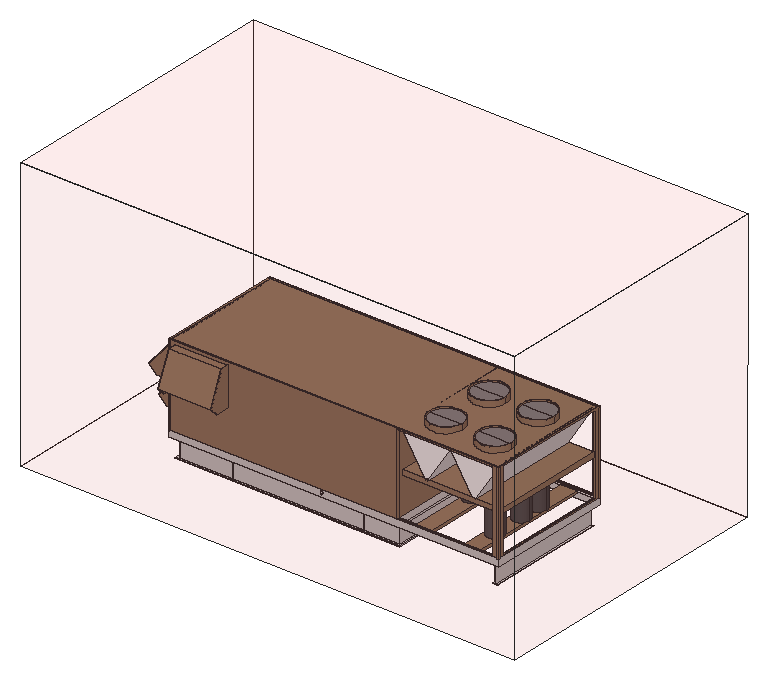
Revit family (continued)
Definition of nested family "Commercial_Comfort_Systems-Series_40-JCI-Unit_Cabinet-Bottom_Supply_And_Return"
  Lines and regions (in)
    Masking region 5, detail levels medium+fine
      outline origin (-119.99969, 0, 0) x (0, -1, 0) y (0, 0, 1)
        loop
          line (-46, 64) -> (-46, 0) -> (46, 0) -> (46, 64) -> (-46, 64)
        loop
          line (-39.5, 62) -> (-39.5, 33.89844) -> (39.5, 33.89844) -> (39.5, 62) -> (-39.5, 62)
        loop
          line (-29.75977, 29.36) -> (-29.75977, 7.94) -> (29.75977, 7.94) -> (29.75977, 29.36) -> (-29.75977, 29.36)
    Masking region 6, detail levels coarse
      outline origin (0, 0, 0) x (1, 0, 0) y (0, 0, 1)
        loop
          line (-119.99969, 64) -> (-119.99969, 0) -> (120.00031, 0) -> (120.00031, 64) -> (-119.99969, 64)
    Masking region 7
      outline origin (0, 45, 0) x (-1, 0, 0) y (0, 0, 1)
        loop
          line (-120.00031, 64) -> (-120.00031, 0) -> (119.99969, 0) -> (119.99969, 64) -> (-120.00031, 64)
        loop
          line (-115.50031, 63.5) -> (-115.50031, 5.125) -> (-46.18781, 5.125) -> (-46.18781, 63.5) -> (-115.50031, 63.5)
    model lines, style "Frame Unit", detail levels coarse
      curve 1: line (-119.99969, 46, 64) -> (120.00031, 46, 64)
      curve 2: line (-119.99969, 46, 64) -> (-119.99969, -46, 64)
      curve 3: line (-119.99969, -46, 64) -> (120.00031, -46, 64)
      curve 4: line (120.00031, 46, 64) -> (120.00031, -46, 64)
      curve 5: line (-119.99969, 46, 64) -> (-119.99969, 46, 0)
      curve 6: line (120.00031, 46, 64) -> (120.00031, 46, 0)
      curve 7: line (-119.99969, -46, 64) -> (-119.99969, -46, 0)
      curve 8: line (120.00031, -46, 64) -> (120.00031, -46, 0)
      curve 9: line (46.18781, -46, 63.5) -> (115.50031, -46, 63.5)
      curve 10: line (46.18781, -46, 63.5) -> (46.18781, -46, 5.125)
      curve 11: line (46.18781, -46, 5.125) -> (115.50031, -46, 5.125)
      curve 12: line (115.50031, -46, 63.5) -> (115.50031, -46, 5.125)
      curve 13: line (46.18781, 46, 63.5) -> (115.50031, 46, 63.5)
      curve 14: line (115.50031, 46, 63.5) -> (115.50031, 46, 5.125)
      curve 15: line (115.50031, 46, 5.125) -> (46.18781, 46, 5.125)
      curve 16: line (46.18781, 46, 5.125) -> (46.18781, 46, 63.5)
      curve 17: line (120.00031, -42, 63.5) -> (120.00031, 42, 63.5)
      curve 18: line (120.00031, -42, 63.5) -> (120.00031, -42, 5.125)
      curve 19: line (120.00031, -42, 5.125) -> (120.00031, 42, 5.125)
      curve 20: line (120.00031, 42, 63.5) -> (120.00031, 42, 5.125)
      curve 21: line (18.18781, 41.5, 0) -> (44.18781, 41.5, 0)
      curve 22: line (18.18781, -30.10938, 0) -> (44.18781, -30.10938, 0)
      curve 23: line (44.18781, 41.5, 0) -> (44.18781, -30.10938, 0)
      curve 24: line (46.18781, 44, 0) -> (117.50031, 44, 0)
      curve 25: line (117.50031, 44, 0) -> (117.50031, -44, 0)
      curve 26: line (117.50031, -44, 0) -> (46.18781, -44, 0)
      curve 27: line (46.18781, -44, 0) -> (46.18781, 44, 0)
      curve 28: line (-119.99969, 46, 0) -> (120.00031, 46, 0)
      curve 29: line (-119.99969, -46, 0) -> (-119.99969, 46, 0)
      curve 30: line (120.00031, -46, 0) -> (-119.99969, -46, 0)
      curve 31: line (120.00031, 46, 0) -> (120.00031, -46, 0)
      curve 34: line (18.18781, 41.5, 0) -> (18.18781, -30.10938, 0)
    symbolic lines, style "Frame Unit", detail levels medium+fine
      curve 32: line (0.00031, -46, 4.625) -> (0.00031, 46, 4.625)
      curve 33: line (-119.99969, 46, 4.625) -> (120.00031, 46, 4.625)
    symbolic lines, style "Frame Unit", detail levels fine
      curve 35: line (46.18781, 0, 35.625) -> (115.50031, 0, 35.625)
      curve 36: line (46.18781, 0, 32) -> (115.50031, 0, 32)
      curve 37: line (119.00031, -42, 35.625) -> (119.00031, 42, 35.625)
      curve 38: line (120.00031, -42, 32) -> (120.00031, 42, 32)
  Dimensions and locks (in)
    "Length": plane 4 "Left of Unit" to plane 5 "Right of Unit"
    equal spacing: plane 7 "Back of Unit", plane 1 "Center (Front/Back)", plane 6 "Front of Unit"
    "Width": plane 7 "Back of Unit" to plane 6 "Front of Unit"
    "Height": plane 8 "Top of Unit" to plane 20 "Base Bottom"
    locked: plane 4 "Left of Unit" to plane 9 "Left Inset" at 1
    locked: plane 10 "Filters and Driers Right" to plane 5 "Right of Unit" at 4.5
    locked: plane 13 "Front Inset" to plane 6 "Front of Unit" at 1
    locked: plane 16 "Back Of Unit Inset" to plane 7 "Back of Unit" at 1
    locked: plane 17 "Right of Unit Inset" to plane 5 "Right of Unit" at 1
    equal spacing: plane 8 "Top of Unit", plane 19 "Center (Elevation)", plane 20 "Base Bottom"
    locked: plane 2 "Bottom of Unit" to plane 20 "Base Bottom" at 4.625
    locked: plane 21 "Open Right" to plane 5 "Right of Unit" at 2.5
    locked: plane 24 "Supply Air Back" to plane 7 "Back of Unit" at 4.5
    locked: plane 25 "Supply Air Front" to plane 24 "Supply Air Back" at 71.60938
    locked: plane 26 "Open Back" to plane 7 "Back of Unit" at 2
    locked: plane 27 "Open Front" to plane 6 "Front of Unit" at 2
    locked: plane 23 "Supply Air Left" to plane 22 "Supply Air Right" at 26
    locked: plane 7 "Back of Unit" to plane 30 "Fan Back" at 30.66667
    locked: plane 8 "Top of Unit" to plane 32 "Exhaust Air Bottom" at 30.10156
    locked: plane 34 "Compressor Acces Front" to plane 6 "Front of Unit" at 4
    locked: plane 35 "Compressor Access Back" to plane 7 "Back of Unit" at 4
    locked: plane 22 "Supply Air Right" to plane 5 "Right of Unit" at 75.8125
    locked: plane 36 "Condenser Base" to plane 19 "Center (Elevation)" at 3.625
    locked: plane 12 "Filters and Driers Left" to Extrusion 8 sketch curve at 1
    equal spacing: Extrusion 9 sketch curve, plane 28 "Right Condenser Fans", Extrusion 9 sketch curve
    locked: Extrusion 9 sketch curve to Extrusion 9 sketch curve at 12  (x2)
    locked: plane 4 "Left of Unit" to plane 37 "Rain Hood Left" at 4.5
    locked: plane 37 "Rain Hood Left" to plane 38 "Rain Hood Right" at 38.58984
    plane 39 "Power Exhaust Bottom" to plane 20 "Base Bottom" = 7.94"
    locked: plane 18 "Bottom Inset" to plane 2 "Bottom of Unit" at 0.5
    locked: plane 8 "Top of Unit" to plane 11 "Top Inset" at 0.5
    locked: plane 8 "Top of Unit" to plane 40 "Economizer Top" at 2
    plane 1 "Center (Front/Back)" to plane 41 "Return Air Front" = 41 1/2"
    locked: plane 43 "Center of Conection Opening" to plane 20 "Base Bottom" at 3.0625
    locked: plane 44 "Electrical Connection L/R" to plane 5 "Right of Unit" at 128.5
    locked: plane 45 "Electrical Connectio F/B" to plane 6 "Front of Unit" at 6.46
    "Front Electric Connection Radius": Extrusion 10 sketch curve to plane 44 "Electrical Connection L/R"
    "Front Electric Connection Radius": plane 43 "Center of Conection Opening" to Extrusion 10 sketch curve
    locked: Revolve 11 sketch curve to Revolve 11 sketch curve at 1.8125
    equal spacing: plane 4 "Left of Unit", plane 3 "Center (Left/Right)", plane 5 "Right of Unit"
    equal spacing: plane 37 "Rain Hood Left", plane 31 "Center of Economizer L/R", plane 38 "Rain Hood Right"
    locked: plane 42 "Power Exhaust Top" to plane 20 "Base Bottom" at 29.36
    locked: plane 22 "Supply Air Right" to plane 12 "Filters and Driers Left" at 2
    plane 28 "Right Condenser Fans" to plane 5 "Right of Unit" = 20 15/32"
    locked: plane 30 "Fan Back" to plane 29 "Fan Front" at 39.31
    equal spacing: Extrusion 9 sketch curve, plane 33 "Left Condenser Fans", Extrusion 9 sketch curve
    locked: plane 33 "Left Condenser Fans" to plane 28 "Right Condenser Fans" at 35.42
    equal spacing: plane 47 "Power Exhaust Front", plane 1 "Center (Front/Back)", plane 48 "Power Exhaust Back"
    locked: plane 47 "Power Exhaust Front" to plane 48 "Power Exhaust Back" at 59.51953
    plane 41 "Return Air Front" to plane 6 "Front of Unit" = 4 1/2"
    "Front Electric Connection Radius": radius of Extrusion 10 sketch curve
    aligned and locked: plane 12 "Filters and Driers Left" to Extrusion 1 sketch curve
    aligned and locked: Extrusion 1 sketch curve to plane 10 "Filters and Driers Right"
    aligned and locked: Extrusion 1 sketch curve to plane 11 "Top Inset"
    aligned and locked: Extrusion 1 sketch curve to plane 8 "Top of Unit"
    aligned and locked: Extrusion 1 sketch curve to plane 5 "Right of Unit"
    aligned and locked: plane 2 "Bottom of Unit" to Extrusion 1 sketch curve
    aligned and locked: Extrusion 1 sketch curve to plane 4 "Left of Unit"
    aligned and locked: Extrusion 1 to plane 6 "Front of Unit"
    aligned and locked: plane 13 "Front Inset" to Extrusion 1
    aligned and locked: Extrusion 2 sketch curve to plane 8 "Top of Unit"
    aligned and locked: Extrusion 2 sketch curve to plane 11 "Top Inset"
    aligned and locked: plane 6 "Front of Unit" to Extrusion 2 sketch curve
    aligned and locked: plane 2 "Bottom of Unit" to Extrusion 2 sketch curve
    aligned and locked: plane 7 "Back of Unit" to Extrusion 2 sketch curve
    aligned and locked: plane 5 "Right of Unit" to Extrusion 2
    aligned and locked: Extrusion 2 to plane 17 "Right of Unit Inset"
    aligned and locked: Extrusion 3 sketch curve to plane 5 "Right of Unit"
    aligned and locked: Extrusion 3 sketch curve to plane 10 "Filters and Driers Right"
    aligned and locked: Extrusion 3 sketch curve to plane 8 "Top of Unit"
    aligned and locked: Extrusion 3 sketch curve to plane 11 "Top Inset"
    aligned and locked: plane 12 "Filters and Driers Left" to Extrusion 3 sketch curve
    aligned and locked: plane 2 "Bottom of Unit" to Extrusion 3 sketch curve
    aligned and locked: Extrusion 3 sketch curve to plane 4 "Left of Unit"
    aligned and locked: Extrusion 3 to plane 7 "Back of Unit"
    aligned and locked: plane 16 "Back Of Unit Inset" to Extrusion 3
    aligned and locked: Extrusion 4 sketch curve to plane 8 "Top of Unit"
    aligned and locked: plane 14 "Exhaust Air Front" to Extrusion 4 sketch curve
    aligned and locked: plane 15 "Exhaust Air Back" to Extrusion 4 sketch curve
    aligned and locked: plane 7 "Back of Unit" to Extrusion 4 sketch curve
    aligned and locked: plane 6 "Front of Unit" to Extrusion 4 sketch curve
    aligned and locked: plane 2 "Bottom of Unit" to Extrusion 4 sketch curve
    aligned and locked: plane 4 "Left of Unit" to Extrusion 4
    aligned and locked: Extrusion 4 to plane 9 "Left Inset"
    aligned and locked: plane 16 "Back Of Unit Inset" to Extrusion 5 sketch curve
    aligned and locked: Extrusion 5 sketch curve to plane 17 "Right of Unit Inset"
    aligned and locked: Extrusion 5 sketch curve to plane 9 "Left Inset"
    aligned and locked: plane 13 "Front Inset" to Extrusion 5 sketch curve
    aligned and locked: plane 8 "Top of Unit" to Extrusion 5
    aligned and locked: plane 20 "Base Bottom" to level
    aligned and locked: plane 24 "Supply Air Back" to Extrusion 6 sketch curve  (x2)
    aligned and locked: Extrusion 6 sketch curve to plane 23 "Supply Air Left"
    aligned and locked: Extrusion 6 sketch curve to plane 22 "Supply Air Right"
    aligned and locked: Extrusion 6 sketch curve to plane 25 "Supply Air Front"
    aligned and locked: Extrusion 6 sketch curve to plane 21 "Open Right"
    aligned and locked: plane 12 "Filters and Driers Left" to Extrusion 6 sketch curve
    aligned and locked: plane 7 "Back of Unit" to Extrusion 6 sketch curve
    aligned and locked: Extrusion 6 sketch curve to plane 5 "Right of Unit"
    aligned and locked: plane 6 "Front of Unit" to Extrusion 6 sketch curve
    aligned and locked: Extrusion 6 sketch curve to plane 4 "Left of Unit"
    aligned and locked: Extrusion 6 to plane 20 "Base Bottom"
    aligned and locked: plane 2 "Bottom of Unit" to Extrusion 6
    aligned and locked: plane 26 "Open Back" to Extrusion 6 sketch curve
    aligned and locked: plane 27 "Open Front" to Extrusion 6 sketch curve
    aligned and locked: plane 7 "Back of Unit" to Masking region 1 sketch curve
    aligned and locked: Masking region 1 sketch curve to plane 4 "Left of Unit"
    aligned and locked: Masking region 1 sketch curve to plane 5 "Right of Unit"
    aligned and locked: plane 6 "Front of Unit" to Masking region 1 sketch curve
    aligned and locked: plane 4 "Left of Unit" to curve 2
    aligned and locked: plane 4 "Left of Unit" to curve 3
    aligned and locked: plane 5 "Right of Unit" to curve 3
    aligned and locked: curve 3 to plane 6 "Front of Unit"
    aligned and locked: plane 6 "Front of Unit" to curve 4
    aligned and locked: plane 4 "Left of Unit" to curve 1
    aligned and locked: plane 5 "Right of Unit" to curve 1
    aligned and locked: plane 7 "Back of Unit" to curve 4
    aligned and locked: plane 6 "Front of Unit" to curve 2
    aligned and locked: plane 8 "Top of Unit" to curve 5
    aligned and locked: plane 20 "Base Bottom" to curve 5
    aligned and locked: plane 20 "Base Bottom" to curve 7
    aligned and locked: plane 8 "Top of Unit" to curve 7
    aligned and locked: plane 4 "Left of Unit" to curve 5
    aligned and locked: plane 4 "Left of Unit" to curve 7
    aligned and locked: plane 20 "Base Bottom" to curve 6
    aligned and locked: plane 20 "Base Bottom" to curve 8
    aligned and locked: plane 8 "Top of Unit" to curve 6
    aligned and locked: plane 8 "Top of Unit" to curve 8
    aligned and locked: curve 6 to plane 5 "Right of Unit"
    aligned and locked: curve 8 to plane 5 "Right of Unit"
    aligned and locked: plane 11 "Top Inset" to curve 12
    aligned and locked: plane 10 "Filters and Driers Right" to curve 9
    aligned and locked: plane 10 "Filters and Driers Right" to curve 11
    aligned and locked: plane 11 "Top Inset" to curve 10
    aligned and locked: plane 12 "Filters and Driers Left" to curve 11
    aligned and locked: plane 12 "Filters and Driers Left" to curve 9
    aligned and locked: curve 11 to curve 12
    aligned and locked: plane 12 "Filters and Driers Left" to curve 13
    aligned and locked: plane 11 "Top Inset" to curve 14
    aligned and locked: curve 13 to plane 11 "Top Inset"
    aligned and locked: plane 10 "Filters and Driers Right" to curve 15
    aligned and locked: plane 12 "Filters and Driers Left" to curve 15
    aligned and locked: plane 11 "Top Inset" to curve 16
    aligned and locked: plane 10 "Filters and Driers Right" to curve 13
    aligned and locked: plane 11 "Top Inset" to curve 18
    aligned and locked: plane 11 "Top Inset" to curve 20
    aligned and locked: plane 27 "Open Front" to curve 25
    aligned and locked: plane 21 "Open Right" to curve 24
    aligned and locked: plane 26 "Open Back" to curve 27
    aligned and locked: plane 22 "Supply Air Right" to curve 21
    aligned and locked: plane 7 "Back of Unit" to curve 31
    aligned and locked: plane 5 "Right of Unit" to curve 30
    aligned and locked: curve 31 to plane 5 "Right of Unit"
    aligned and locked: plane 6 "Front of Unit" to curve 30
    aligned and locked: plane 6 "Front of Unit" to curve 29
    aligned and locked: plane 7 "Back of Unit" to curve 29
    aligned and locked: curve 29 to plane 4 "Left of Unit"
    aligned and locked: plane 4 "Left of Unit" to curve 28
    aligned and locked: plane 8 "Top of Unit" to Masking region 2 sketch curve
    aligned and locked: plane 5 "Right of Unit" to Masking region 2 sketch curve
    aligned and locked: plane 4 "Left of Unit" to Masking region 2 sketch curve
    aligned and locked: Masking region 3 sketch curve to plane 8 "Top of Unit"
    aligned and locked: plane 6 "Front of Unit" to Masking region 3 sketch curve
    aligned and locked: plane 7 "Back of Unit" to Masking region 3 sketch curve
    aligned and locked: plane 20 "Base Bottom" to Masking region 3 sketch curve
    aligned and locked: plane 7 "Back of Unit" to curve 32
    aligned and locked: plane 6 "Front of Unit" to curve 32
    aligned and locked: curve 32 to plane 2 "Bottom of Unit"
    aligned and locked: Masking region 2 sketch curve to plane 20 "Base Bottom"
    aligned and locked: plane 5 "Right of Unit" to curve 33
    aligned and locked: plane 4 "Left of Unit" to curve 33
    aligned and locked: curve 33 to plane 2 "Bottom of Unit"
    aligned and locked: plane 18 "Bottom Inset" to Extrusion 3
    aligned and locked: plane 18 "Bottom Inset" to curve 15
    aligned and locked: plane 18 "Bottom Inset" to Extrusion 2
    aligned and locked: curve 19 to plane 18 "Bottom Inset"
    aligned and locked: plane 35 "Compressor Access Back" to Extrusion 2 sketch curve
    aligned and locked: plane 34 "Compressor Acces Front" to Extrusion 2 sketch curve
    aligned and locked: plane 35 "Compressor Access Back" to curve 20
    aligned and locked: curve 18 to plane 34 "Compressor Acces Front"
    aligned and locked: plane 32 "Exhaust Air Bottom" to Extrusion 1 sketch curve
    aligned and locked: plane 32 "Exhaust Air Bottom" to Extrusion 3 sketch curve
    aligned and locked: plane 32 "Exhaust Air Bottom" to Extrusion 4 sketch curve
    aligned and locked: plane 12 "Filters and Driers Left" to Extrusion 7 sketch curve
    aligned and locked: plane 19 "Center (Elevation)" to Extrusion 7 sketch curve
    aligned and locked: Extrusion 7 sketch curve to plane 36 "Condenser Base"
    aligned and locked: Extrusion 8 sketch curve to plane 12 "Filters and Driers Left"
    aligned and locked: Extrusion 8 sketch curve to plane 11 "Top Inset"
    aligned and locked: plane 18 "Bottom Inset" to Extrusion 8 sketch curve
    aligned and locked: Extrusion 8 to plane 16 "Back Of Unit Inset"
    aligned and locked: Extrusion 8 to plane 13 "Front Inset"
    aligned and locked: plane 27 "Open Front" to Extrusion 9 sketch curve  (x2)
    aligned and locked: plane 26 "Open Back" to Extrusion 9 sketch curve  (x2)
    aligned and locked: Extrusion 9 to plane 2 "Bottom of Unit"
    aligned and locked: plane 2 "Bottom of Unit" to Masking region 2 sketch curve
    aligned and locked: plane 12 "Filters and Driers Left" to Masking region 2 sketch curve
    aligned and locked: plane 35 "Compressor Access Back" to curve 17
    aligned and locked: plane 35 "Compressor Access Back" to curve 19
    aligned and locked: plane 34 "Compressor Acces Front" to curve 17
    aligned and locked: plane 34 "Compressor Acces Front" to curve 19
    aligned and locked: plane 18 "Bottom Inset" to curve 20
    aligned and locked: plane 18 "Bottom Inset" to curve 18
    aligned and locked: curve 11 to curve 15
    aligned and locked: curve 9 to curve 13
    aligned and locked: plane 18 "Bottom Inset" to curve 10
    aligned and locked: plane 4 "Left of Unit" to curve 30
    aligned and locked: plane 5 "Right of Unit" to curve 28
    aligned and locked: plane 6 "Front of Unit" to curve 31
    aligned and locked: plane 7 "Back of Unit" to curve 2
    aligned and locked: plane 34 "Compressor Acces Front" to Masking region 3 sketch curve
    aligned and locked: plane 18 "Bottom Inset" to Masking region 3 sketch curve
    aligned and locked: plane 35 "Compressor Access Back" to Masking region 3 sketch curve
    aligned and locked: Extrusion 1 sketch curve to plane 40 "Economizer Top"
    aligned and locked: Extrusion 3 sketch curve to plane 40 "Economizer Top"
    aligned and locked: Extrusion 5 to plane 11 "Top Inset"
    aligned and locked: plane 40 "Economizer Top" to Extrusion 4 sketch curve
    aligned and locked: Masking region 4 sketch curve to plane 8 "Top of Unit"
    aligned and locked: plane 7 "Back of Unit" to Masking region 4 sketch curve
    aligned and locked: plane 6 "Front of Unit" to Masking region 4 sketch curve
    aligned and locked: plane 20 "Base Bottom" to Masking region 4 sketch curve
    aligned and locked: Extrusion 4 sketch curve to plane 42 "Power Exhaust Top"
    aligned and locked: plane 39 "Power Exhaust Bottom" to Extrusion 4 sketch curve
    aligned and locked: plane 39 "Power Exhaust Bottom" to Masking region 5 sketch curve
    aligned and locked: Masking region 5 sketch curve to plane 42 "Power Exhaust Top"
    aligned and locked: plane 32 "Exhaust Air Bottom" to Masking region 5 sketch curve
    aligned and locked: Masking region 5 sketch curve to plane 40 "Economizer Top"
    aligned and locked: plane 14 "Exhaust Air Front" to Masking region 5 sketch curve
    aligned and locked: plane 15 "Exhaust Air Back" to Masking region 5 sketch curve
    aligned and locked: plane 6 "Front of Unit" to Masking region 5 sketch curve
    aligned and locked: Masking region 5 sketch curve to plane 8 "Top of Unit"
    aligned and locked: plane 20 "Base Bottom" to Masking region 5 sketch curve
    aligned and locked: plane 7 "Back of Unit" to Masking region 5 sketch curve
    aligned and locked: plane 20 "Base Bottom" to Masking region 6 sketch curve
    aligned and locked: Masking region 6 sketch curve to plane 4 "Left of Unit"
    aligned and locked: Masking region 6 sketch curve to plane 5 "Right of Unit"
    aligned and locked: Masking region 6 sketch curve to plane 8 "Top of Unit"
    aligned and locked: Extrusion 10 to plane 6 "Front of Unit"
    aligned and locked: Revolve 11 sketch curve to plane 44 "Electrical Connection L/R"
    aligned and locked: Revolve 11 sketch curve to Revolve 11 sketch curve
    aligned and locked: plane 20 "Base Bottom" to Revolve 11 sketch curve
    aligned and locked: Revolve 11 sketch curve to plane 18 "Bottom Inset"
    aligned and locked: plane 11 "Top Inset" to Masking region 2 sketch curve
    aligned and locked: Masking region 7 to plane 11 "Top Inset"
    aligned and locked: plane 8 "Top of Unit" to Masking region 7
    aligned and locked: Masking region 7 to plane 10 "Filters and Driers Right"
    aligned and locked: plane 12 "Filters and Driers Left" to Masking region 7
    aligned and locked: plane 18 "Bottom Inset" to Masking region 7
    aligned and locked: plane 5 "Right of Unit" to Masking region 7 sketch curve
    aligned and locked: Masking region 7 sketch curve to plane 20 "Base Bottom"
    aligned and locked: plane 4 "Left of Unit" to Masking region 7 sketch curve
    aligned and locked: Extrusion 7 to plane 34 "Compressor Acces Front"
    aligned and locked: Extrusion 7 to plane 35 "Compressor Access Back"
    aligned and locked: Masking region 3 sketch curve to plane 11 "Top Inset"
    aligned and locked: Extrusion 1 sketch curve to plane 37 "Rain Hood Left"
    aligned and locked: plane 38 "Rain Hood Right" to Extrusion 1 sketch curve
    aligned and locked: plane 38 "Rain Hood Right" to Extrusion 3 sketch curve
    aligned and locked: Extrusion 3 sketch curve to plane 37 "Rain Hood Left"
    aligned and locked: plane 22 "Supply Air Right" to curve 22
    aligned and locked: plane 25 "Supply Air Front" to curve 23
    aligned and locked: plane 23 "Supply Air Left" to curve 22
    aligned and locked: plane 24 "Supply Air Back" to curve 23
    aligned and locked: plane 23 "Supply Air Left" to curve 21
    aligned and locked: Extrusion 4 sketch curve to plane 48 "Power Exhaust Back"
    aligned and locked: Masking region 5 sketch curve to plane 48 "Power Exhaust Back"
    aligned and locked: Masking region 5 sketch curve to plane 47 "Power Exhaust Front"
    aligned and locked: Extrusion 4 sketch curve to plane 47 "Power Exhaust Front"
    aligned and locked: Extrusion 7 sketch curve to plane 17 "Right of Unit Inset"
    aligned and locked: plane 24 "Supply Air Back" to curve 34
    aligned and locked: plane 25 "Supply Air Front" to curve 34
    aligned and locked: plane 27 "Open Front" to curve 27
    aligned and locked: plane 27 "Open Front" to curve 26
    aligned and locked: plane 21 "Open Right" to curve 26
    aligned and locked: plane 12 "Filters and Driers Left" to curve 26
    aligned and locked: plane 26 "Open Back" to curve 25
    aligned and locked: plane 12 "Filters and Driers Left" to curve 24
    aligned and locked: plane 12 "Filters and Driers Left" to Extrusion 12 sketch curve  (x2)
    aligned and locked: Extrusion 12 sketch curve to plane 10 "Filters and Driers Right"  (x2)
    aligned and locked: Extrusion 12 sketch curve to plane 13 "Front Inset"
    aligned and locked: plane 6 "Front of Unit" to Extrusion 12 sketch curve
    aligned and locked: plane 34 "Compressor Acces Front" to Extrusion 12 sketch curve
    aligned and locked: plane 35 "Compressor Access Back" to Extrusion 12 sketch curve
    aligned and locked: plane 17 "Right of Unit Inset" to Extrusion 12 sketch curve
    aligned and locked: Extrusion 12 sketch curve to plane 5 "Right of Unit"
    aligned and locked: Extrusion 12 sketch curve to plane 16 "Back Of Unit Inset"
    aligned and locked: plane 7 "Back of Unit" to Extrusion 12 sketch curve
    aligned and locked: plane 11 "Top Inset" to Extrusion 12
    aligned and locked: Extrusion 12 to plane 18 "Bottom Inset"
    aligned and locked: Extrusion 9 to plane 43 "Center of Conection Opening"
    aligned and locked: Extrusion 6 sketch curve to plane 37 "Rain Hood Left"
    aligned and locked: plane 38 "Rain Hood Right" to Extrusion 6 sketch curve
    aligned and locked: Extrusion 6 sketch curve to plane 41 "Return Air Front"
    aligned and locked: plane 12 "Filters and Driers Left" to curve 36
    aligned and locked: plane 12 "Filters and Driers Left" to curve 35
    aligned and locked: plane 10 "Filters and Driers Right" to curve 36
    aligned and locked: plane 10 "Filters and Driers Right" to curve 35
    aligned and locked: curve 36 to plane 19 "Center (Elevation)"
    aligned and locked: curve 35 to plane 36 "Condenser Base"
    aligned and locked: plane 35 "Compressor Access Back" to curve 38
    aligned and locked: plane 34 "Compressor Acces Front" to curve 38
    aligned and locked: plane 35 "Compressor Access Back" to curve 37
    aligned and locked: plane 34 "Compressor Acces Front" to curve 37
    aligned and locked: curve 38 to plane 19 "Center (Elevation)"
    aligned and locked: curve 37 to plane 36 "Condenser Base"
  Automatic sketch dimensions
    Extrusion 1 sketch curve to plane 18 "Bottom Inset" = 0"
    Extrusion 2 sketch curve to plane 18 "Bottom Inset" = 0"
    Extrusion 3 sketch curve to plane 18 "Bottom Inset" = 0"
    curve 1 to plane 7 "Back of Unit" = 0"
    curve 10 to plane 12 "Filters and Driers Left" = 0"
    Masking region 2 sketch curve to plane 10 "Filters and Driers Right" = 0"
    Revolve 11 sketch curve to level = 241.30534"
    plane 8 "Top of Unit" to Revolve 11 sketch curve = 282.03032"
    Masking region 7 sketch curve to plane 10 "Filters and Driers Right" = 0"
    Masking region 7 sketch curve to plane 11 "Top Inset" = 0"
    Masking region 7 sketch curve to plane 12 "Filters and Driers Left" = 0"
    Masking region 7 sketch curve to plane 18 "Bottom Inset" = 0"
    Masking region 7 sketch curve to plane 8 "Top of Unit" = 0"
Definition of nested family "Include Clearance"
  Parameters (values of type "Include Clearance")
    Width = 36"
    Height = 36"
    Depth = 36"
    Clearance Top = 6"
    Clearance Right = 6"
    Clearance Material = Clearance
    Clearance Left = 6"
    Clearance Front = 6"
    Clearance Bottom = 6"
    Clearance Back = 6"
    Assembly Code = ""
  Reference planes (in)
    plane 1 "Center (Front/Back)": y = 0
    plane 2 "Bottom": z = 0
    plane 3 "Center (Left/Right)": x = 0
    plane 4 "Clearance Front": y = -24
    plane 5 "Top": z = 36
    plane 6 "Back": y = 18
    plane 7 "Left": x = -18
    plane 8 "Front": y = -18
    plane 9 "Right": x = 18
    plane 10 "Clearance Back": y = 24
    plane 11 "Clearance Left": x = -24
    plane 12 "Clearance Right": x = 24
    plane 13 "Clearance Top": z = 42
    plane 14 "Clearance Bottom": z = -6
  Forms (in)
    Extrusion 1, solid, material "Clearance" <- "Clearance Material"
      sketch origin (0, 0, 36) x (-1, 0, 0) y (0, -1, 0)
        loop
          line (24, -24) -> (24, 24) -> (-24, 24) -> (-24, -24) -> (24, -24)
      from -42 to 6
  Lines and regions (in)
    symbolic lines, style "Clearance"
      curve 1: line (-24, 24, 36) -> (24, 24, 36)
      curve 2: line (-24, -24, 36) -> (-24, 24, 36)
      curve 3: line (24, -24, 36) -> (-24, -24, 36)
      curve 4: line (24, 24, 36) -> (24, -24, 36)
      curve 5: line (-24, 0, 42) -> (24, 0, 42)
      curve 6: line (-24, 0, -6) -> (-24, 0, 42)
      curve 7: line (24, 0, -6) -> (-24, 0, -6)
      curve 8: line (24, 0, 42) -> (24, 0, -6)
      curve 9: line (0, -24, 42) -> (0, 24, 42)
      curve 10: line (0, -24, -6) -> (0, -24, 42)
      curve 11: line (0, 24, -6) -> (0, -24, -6)
      curve 12: line (0, 24, 42) -> (0, 24, -6)
  Dimensions and locks (in)
    "Height": plane 5 "Top" to plane 2 "Bottom"
    "Depth": plane 6 "Back" to plane 8 "Front"
    "Width": plane 7 "Left" to plane 9 "Right"
    equal spacing: plane 7 "Left", plane 3 "Center (Left/Right)", plane 9 "Right"
    equal spacing: plane 6 "Back", plane 1 "Center (Front/Back)", plane 8 "Front"
    "Clearance Bottom": plane 2 "Bottom" to plane 14 "Clearance Bottom"
    "Clearance Top": plane 13 "Clearance Top" to plane 5 "Top"
    "Clearance Left": plane 11 "Clearance Left" to plane 7 "Left"
    "Clearance Right": plane 9 "Right" to plane 12 "Clearance Right"
    "Clearance Back": plane 10 "Clearance Back" to plane 6 "Back"
    "Clearance Front": plane 4 "Clearance Front" to plane 8 "Front"
    aligned and locked: level to plane 2 "Bottom"
    aligned and locked: Extrusion 1 sketch curve to plane 10 "Clearance Back"
    aligned and locked: Extrusion 1 sketch curve to plane 11 "Clearance Left"
    aligned and locked: Extrusion 1 sketch curve to plane 12 "Clearance Right"
    aligned and locked: Extrusion 1 sketch curve to plane 4 "Clearance Front"
    aligned and locked: plane 14 "Clearance Bottom" to Extrusion 1
    aligned and locked: plane 13 "Clearance Top" to Extrusion 1
    aligned and locked: curve 1 to plane 10 "Clearance Back"
    aligned and locked: curve 2 to plane 11 "Clearance Left"
    aligned and locked: curve 4 to plane 12 "Clearance Right"
    aligned and locked: curve 3 to plane 4 "Clearance Front"
    aligned and locked: curve 5 to plane 13 "Clearance Top"
    aligned and locked: curve 6 to plane 11 "Clearance Left"
    aligned and locked: curve 7 to plane 14 "Clearance Bottom"
    aligned and locked: curve 8 to plane 12 "Clearance Right"
    aligned and locked: curve 9 to plane 13 "Clearance Top"
    aligned and locked: curve 11 to plane 14 "Clearance Bottom"
    aligned and locked: curve 12 to plane 10 "Clearance Back"
    aligned and locked: curve 10 to plane 4 "Clearance Front"
Definition of nested family "Commercial_Comfort_Systems-Series_40-JCI-Power_Exhaust"
  Parameters (values of type "Power Exhaust Optional")
    Width = 59 133/256"  # constant formula
    Power Exhaust = yes
    No Power Exhaust = not(Power Exhaust)  # no
    Material = Paint - JCI - Powder Coated - Champagne
    Height = 21 27/64"  # constant formula
    Depth = 20 31/256"  # constant formula
    Assembly Code = ""
  Reference planes (in)
    plane 1 "Back": y = 0
    plane 2 "Bottom": z = 0
    plane 3 "Center (Left/Right)": x = 0
    plane 4 "Front": y = -20.12109
    plane 5 "Top": z = 21.42187
    plane 6 "Center F/B": y = -14.19109
    plane 7 "Back Inset": y = -10.18359
    plane 8 "Bottom Inset": z = 6
    plane 9 "Right": x = 29.75977
    plane 10 "Left": x = -29.75977
    plane 11 "Left Inset": x = -29.63477
    plane 12 "Right Inset": x = 29.63477
    plane 13 "Top Inset": z = 21.23437
    plane 14 "Front Inset": y = -19.87109
    plane 15 "Center (Elevation)": z = 10.71094
    plane 16 "Back Offset": y = 0.5
  Forms (in)
    Extrusion 1, solid, material "Paint - JCI - Powder Coated - Champagne" <- "Material", visible <- "Power Exhaust", detail levels fine
      sketch origin (0, 0, 0) x (0, 1, 0) y (0, 0, 1)
        loop
          line (-10.18359, 21.42187) -> (-20.12109, 6) -> (-14.19109, 0) -> (0, 0) -> (0, 21.42187) -> (-10.18359, 21.42187)
      from 29.63477 to 29.75977
    Extrusion 2, solid, material "Paint - JCI - Powder Coated - Champagne" <- "Material", visible <- "Power Exhaust", detail levels fine
      sketch origin (0, 0, 0) x (0, 1, 0) y (0, 0, 1)
        loop
          line (0, 21.42187) -> (-10.18359, 21.42187) -> (-20.12109, 6) -> (-14.19109, 0) -> (0, 0) -> (0, 21.42187)
      from -29.75977 to -29.63477
    Extrusion 3, solid, material "Paint - JCI - Powder Coated - Champagne" <- "Material", visible <- "Power Exhaust", detail levels fine
      sketch origin (0, 0, 0) x (0, 1, 0) y (0, 0, 1)
        loop
          line (-10.18359, 21.42187) -> (-20.12109, 6) -> (-19.87109, 6) -> (-10.18359, 21.23437) -> (0, 21.23437) -> (0, 21.42187) -> (-10.18359, 21.42187)
      from -29.63477 to 29.63477
    Extrusion 4, solid, material "Paint - JCI - Powder Coated - Champagne" <- "Material", visible <- "No Power Exhaust", detail levels fine
      sketch origin (0, 0, 0) x (1, 0, 0) y (0, 0, 1)
        loop
          line (-29.75977, 21.42187) -> (-29.75977, 0) -> (29.75977, 0) -> (29.75977, 21.42187) -> (-29.75977, 21.42187)
      from -0.5 to 0
  Lines and regions (in)
    Masking region 1, visible <- "Power Exhaust", detail levels medium+fine
      outline origin (0, 0, 0) x (0, 1, 0) y (0, 0, 1)
        loop
          line (-10.18359, 21.42187) -> (-20.12109, 6) -> (-14.19109, 0) -> (0, 0) -> (0, 21.42187) -> (-10.18359, 21.42187)
    Masking region 2, visible <- "Power Exhaust", detail levels fine
      outline origin (0, -14.19109, 0) x (0, 0, -1) y (1, 0, 0)
        loop
          line (-21.42187, -29.75977) -> (0, -29.75977) -> (0, 29.75977) -> (-21.42187, 29.75977) -> (-21.42187, -29.75977)
    Masking region 3, visible <- "Power Exhaust", detail levels fine
      outline origin (0, 0, 0) x (1, 0, 0) y (0, 1, 0)
        loop
          line (-29.75977, 0) -> (-29.75977, -20.12109) -> (29.75977, -20.12109) -> (29.75977, 0) -> (-29.75977, 0)
    symbolic lines, style "Rain Hoods", detail levels fine
      curve 1: line (-29.75977, -10.18359, 0) -> (29.75977, -10.18359, 0)
  Dimensions and locks (in)
    "Depth": plane 4 "Front" to plane 1 "Back"
    "Height": plane 5 "Top" to plane 2 "Bottom"
    locked: plane 4 "Front" to plane 7 "Back Inset" at 9.9375
    locked: plane 4 "Front" to plane 6 "Center F/B" at 5.93
    locked: plane 8 "Bottom Inset" to plane 2 "Bottom" at 6
    locked: plane 12 "Right Inset" to plane 9 "Right" at 0.125
    locked: plane 11 "Left Inset" to plane 10 "Left" at 0.125
    "Width": plane 9 "Right" to plane 10 "Left"
    equal spacing: plane 9 "Right", plane 3 "Center (Left/Right)", plane 10 "Left"
    locked: plane 5 "Top" to plane 13 "Top Inset" at 0.1875
    locked: plane 4 "Front" to plane 14 "Front Inset" at 0.25
    equal spacing: plane 5 "Top", plane 15 "Center (Elevation)", plane 2 "Bottom"
    locked: plane 1 "Back" to plane 16 "Back Offset" at 0.5
    aligned and locked: level to plane 2 "Bottom"
    aligned and locked: plane 4 "Front" to Extrusion 1 sketch curve
    aligned and locked: plane 8 "Bottom Inset" to Extrusion 1 sketch curve
    aligned and locked: plane 6 "Center F/B" to Extrusion 1 sketch curve
    aligned and locked: Extrusion 1 sketch curve to plane 2 "Bottom"
    aligned and locked: Extrusion 1 sketch curve to plane 1 "Back"
    aligned and locked: plane 5 "Top" to Extrusion 1 sketch curve  (x2)
    aligned and locked: plane 7 "Back Inset" to Extrusion 1 sketch curve
    aligned and locked: Extrusion 1 to plane 9 "Right"
    aligned and locked: plane 12 "Right Inset" to Extrusion 1
    aligned and locked: plane 2 "Bottom" to Extrusion 2 sketch curve
    aligned and locked: plane 6 "Center F/B" to Extrusion 2 sketch curve
    aligned and locked: plane 8 "Bottom Inset" to Extrusion 2 sketch curve
    aligned and locked: plane 5 "Top" to Extrusion 2 sketch curve
    aligned and locked: plane 4 "Front" to Extrusion 2 sketch curve
    aligned and locked: plane 7 "Back Inset" to Extrusion 2 sketch curve
    aligned and locked: Extrusion 2 sketch curve to plane 5 "Top"
    aligned and locked: Extrusion 2 sketch curve to plane 1 "Back"
    aligned and locked: Extrusion 2 sketch curve to plane 2 "Bottom"
    aligned and locked: plane 11 "Left Inset" to Extrusion 2
    aligned and locked: Extrusion 2 to plane 10 "Left"
    aligned and locked: plane 8 "Bottom Inset" to Extrusion 3 sketch curve
    aligned and locked: plane 13 "Top Inset" to Extrusion 3 sketch curve  (x2)
    aligned and locked: plane 4 "Front" to Extrusion 3 sketch curve
    aligned and locked: plane 14 "Front Inset" to Extrusion 3 sketch curve
    aligned and locked: Extrusion 3 sketch curve to plane 8 "Bottom Inset"
    aligned and locked: plane 7 "Back Inset" to Extrusion 3 sketch curve  (x2)
    aligned and locked: plane 1 "Back" to Extrusion 3 sketch curve
    aligned and locked: Extrusion 3 sketch curve to plane 5 "Top"
    aligned and locked: Extrusion 3 to plane 12 "Right Inset"
    aligned and locked: Extrusion 3 to plane 11 "Left Inset"
    aligned and locked: plane 8 "Bottom Inset" to Masking region 1 sketch curve
    aligned and locked: plane 4 "Front" to Masking region 1 sketch curve
    aligned and locked: plane 5 "Top" to Masking region 1 sketch curve
    aligned and locked: plane 6 "Center F/B" to Masking region 1 sketch curve
    aligned and locked: plane 7 "Back Inset" to Masking region 1 sketch curve
    aligned and locked: plane 2 "Bottom" to Masking region 1 sketch curve
    aligned and locked: plane 1 "Back" to Masking region 1 sketch curve
    aligned and locked: Masking region 2 sketch curve to plane 5 "Top"
    aligned and locked: plane 10 "Left" to Masking region 2 sketch curve
    aligned and locked: plane 2 "Bottom" to Masking region 2 sketch curve
    aligned and locked: plane 9 "Right" to Masking region 2 sketch curve
    aligned and locked: Masking region 3 sketch curve to plane 4 "Front"
    aligned and locked: plane 9 "Right" to Masking region 3 sketch curve
    aligned and locked: plane 1 "Back" to Masking region 3 sketch curve
    aligned and locked: Masking region 3 sketch curve to plane 10 "Left"
    aligned and locked: plane 9 "Right" to curve 1
    aligned and locked: plane 10 "Left" to curve 1
    aligned and locked: plane 7 "Back Inset" to curve 1
    aligned and locked: Extrusion 4 sketch curve to plane 5 "Top"
    aligned and locked: plane 9 "Right" to Extrusion 4 sketch curve
    aligned and locked: plane 10 "Left" to Extrusion 4 sketch curve
    aligned and locked: plane 2 "Bottom" to Extrusion 4 sketch curve
    aligned and locked: plane 1 "Back" to Extrusion 4
    aligned and locked: Extrusion 4 to plane 16 "Back Offset"
Definition of nested family "Commercial_Comfort_Systems-Series_40-JCI-Exhaust_Standard"
  Parameters (values of type "Exhaust")
    Width = 79"  # constant formula
    Material = Paint - JCI - Powder Coated - Champagne
    Height = 29 3/32"
    Depth = 19 77/128"  # constant formula
    Assembly Code = ""
  Reference planes (in)
    plane 1 "Back": y = 0
    plane 2 "Bottom": z = 0
    plane 3 "Center (Left/Right)": x = 0
    plane 4 "Front": y = -19.60156
    plane 5 "Top": z = 29.09375
    plane 6 "Center F/B": y = -13.67156
    plane 7 "Bottom Inset": z = 6
    plane 8 "Right": x = 39.5
    plane 9 "Left": x = -39.5
    plane 10 "Left Inset": x = -39.375
    plane 11 "Right Inset": x = 39.375
    plane 12 "Top Inset": z = 28.90625
    plane 13 "Front Inset": y = -19.35156
    plane 14 "Center (Elevation)": z = 14.54687
  Forms (in)
    Extrusion 1, solid, material "Paint - JCI - Powder Coated - Champagne" <- "Material", detail levels fine
      sketch origin (0, 0, 0) x (0, 1, 0) y (0, 0, 1)
        loop
          line (0, 29.09375) -> (-19.60156, 6) -> (-13.67156, 0) -> (0, 0) -> (0, 29.09375)
      from 39.375 to 39.5
    Extrusion 2, solid, material "Paint - JCI - Powder Coated - Champagne" <- "Material", detail levels fine
      sketch origin (0, 0, 0) x (0, 1, 0) y (0, 0, 1)
        loop
          line (0, 29.09375) -> (-19.60156, 6) -> (-13.67156, 0) -> (0, 0) -> (0, 29.09375)
      from -39.5 to -39.375
    Extrusion 3, solid, material "Paint - JCI - Powder Coated - Champagne" <- "Material", detail levels fine
      sketch origin (0, 0, 0) x (0, 1, 0) y (0, 0, 1)
        loop
          line (0, 29.09375) -> (-19.60156, 6) -> (-19.35156, 6) -> (0, 28.90625) -> (0, 29.09375)
      from -39.375 to 39.375
  Lines and regions (in)
    Masking region 1, detail levels medium+fine
      outline origin (0, 0, 0) x (0, 1, 0) y (0, 0, 1)
        loop
          line (0, 29.09375) -> (-19.60156, 6) -> (-13.67156, 0) -> (0, 0) -> (0, 29.09375)
    Masking region 2, detail levels fine
      outline origin (0, -13.67156, 0) x (0, 0, -1) y (1, 0, 0)
        loop
          line (-29.09375, -39.5) -> (0, -39.5) -> (0, 39.5) -> (-29.09375, 39.5) -> (-29.09375, -39.5)
    Masking region 3, detail levels fine
      outline origin (0, 0, 0) x (1, 0, 0) y (0, 1, 0)
        loop
          line (-39.5, 0) -> (-39.5, -19.60156) -> (39.5, -19.60156) -> (39.5, 0) -> (-39.5, 0)
    symbolic lines, style "Rain Hood", detail levels fine
      curve 1: line (-39.5, 0, 6) -> (39.5, 0, 6)
      curve 2: line (-39.5, -13.67156, 0) -> (39.5, -13.67156, 0)
    model lines, detail levels medium
      curve 3: line (39.5, 0, 29.09375) -> (39.5, 0, 0)
      curve 4: line (39.5, 0, 29.09375) -> (39.5, -19.60156, 6)
      curve 5: line (39.5, -13.67156, 0) -> (39.5, 0, 0)
      curve 6: line (-39.5, 0, 29.09375) -> (-39.5, 0, 0)
      curve 7: line (-39.5, 0, 0) -> (-39.5, -13.67156, 0)
      curve 8: line (-39.5, 0, 29.09375) -> (-39.5, -19.60156, 6)
      curve 9: line (-39.5, -13.67156, 0) -> (-39.5, -19.60156, 6)
      curve 10: line (39.5, -19.60156, 6) -> (39.5, -13.67156, 0)
    model lines, style "Rain Hood", detail levels medium
      curve 11: line (-39.5, 0, 29.09375) -> (39.5, 0, 29.09375)
      curve 12: line (-39.5, 0, 0) -> (39.5, 0, 0)
      curve 13: line (-39.5, -19.60156, 6) -> (39.5, -19.60156, 6)
  Dimensions and locks (in)
    "Depth": plane 4 "Front" to plane 1 "Back"
    "Height": plane 5 "Top" to plane 2 "Bottom"
    locked: plane 4 "Front" to plane 6 "Center F/B" at 5.93
    locked: plane 7 "Bottom Inset" to plane 2 "Bottom" at 6
    locked: plane 11 "Right Inset" to plane 8 "Right" at 0.125
    locked: plane 10 "Left Inset" to plane 9 "Left" at 0.125
    "Width": plane 8 "Right" to plane 9 "Left"
    equal spacing: plane 8 "Right", plane 3 "Center (Left/Right)", plane 9 "Left"
    locked: plane 5 "Top" to plane 12 "Top Inset" at 0.1875
    locked: plane 4 "Front" to plane 13 "Front Inset" at 0.25
    equal spacing: plane 5 "Top", plane 14 "Center (Elevation)", plane 2 "Bottom"
    aligned and locked: level to plane 2 "Bottom"
    aligned and locked: plane 4 "Front" to Extrusion 1 sketch curve
    aligned and locked: plane 7 "Bottom Inset" to Extrusion 1 sketch curve
    aligned and locked: plane 6 "Center F/B" to Extrusion 1 sketch curve
    aligned and locked: Extrusion 1 sketch curve to plane 2 "Bottom"
    aligned and locked: Extrusion 1 sketch curve to plane 1 "Back"
    aligned and locked: plane 5 "Top" to Extrusion 1 sketch curve
    aligned and locked: Extrusion 1 to plane 8 "Right"
    aligned and locked: plane 11 "Right Inset" to Extrusion 1
    aligned and locked: plane 2 "Bottom" to Extrusion 2 sketch curve
    aligned and locked: plane 6 "Center F/B" to Extrusion 2 sketch curve
    aligned and locked: plane 7 "Bottom Inset" to Extrusion 2 sketch curve
    aligned and locked: plane 4 "Front" to Extrusion 2 sketch curve
    aligned and locked: Extrusion 2 sketch curve to plane 1 "Back"
    aligned and locked: Extrusion 2 sketch curve to plane 2 "Bottom"
    aligned and locked: plane 10 "Left Inset" to Extrusion 2
    aligned and locked: Extrusion 2 to plane 9 "Left"
    aligned and locked: plane 7 "Bottom Inset" to Extrusion 3 sketch curve
    aligned and locked: plane 4 "Front" to Extrusion 3 sketch curve
    aligned and locked: plane 13 "Front Inset" to Extrusion 3 sketch curve
    aligned and locked: Extrusion 3 sketch curve to plane 7 "Bottom Inset"
    aligned and locked: Extrusion 3 to plane 11 "Right Inset"
    aligned and locked: Extrusion 3 to plane 10 "Left Inset"
    aligned and locked: plane 7 "Bottom Inset" to Masking region 1 sketch curve
    aligned and locked: plane 4 "Front" to Masking region 1 sketch curve
    aligned and locked: plane 6 "Center F/B" to Masking region 1 sketch curve
    aligned and locked: plane 2 "Bottom" to Masking region 1 sketch curve
    aligned and locked: Masking region 2 sketch curve to plane 5 "Top"
    aligned and locked: plane 9 "Left" to Masking region 2 sketch curve
    aligned and locked: plane 2 "Bottom" to Masking region 2 sketch curve
    aligned and locked: plane 8 "Right" to Masking region 2 sketch curve
    aligned and locked: curve 1 to plane 7 "Bottom Inset"
    aligned and locked: plane 9 "Left" to curve 1
    aligned and locked: plane 8 "Right" to curve 1
    aligned and locked: Masking region 3 sketch curve to plane 4 "Front"
    aligned and locked: plane 8 "Right" to Masking region 3 sketch curve
    aligned and locked: plane 1 "Back" to Masking region 3 sketch curve
    aligned and locked: Masking region 3 sketch curve to plane 9 "Left"
    aligned and locked: plane 8 "Right" to curve 2
    aligned and locked: plane 9 "Left" to curve 2
    aligned and locked: plane 1 "Back" to Extrusion 1 sketch curve
    aligned and locked: Extrusion 1 to Extrusion 3 sketch curve
    aligned and locked: plane 1 "Back" to Extrusion 3 sketch curve
    aligned and locked: plane 5 "Top" to Extrusion 3 sketch curve
    aligned and locked: plane 5 "Top" to Extrusion 2 sketch curve
    aligned and locked: plane 1 "Back" to Masking region 1 sketch curve
    aligned and locked: plane 5 "Top" to Masking region 1 sketch curve
    aligned and locked: plane 6 "Center F/B" to curve 2
    aligned and locked: plane 4 "Front" to curve 4
    aligned and locked: plane 7 "Bottom Inset" to curve 8
    aligned and locked: plane 2 "Bottom" to curve 9
    aligned and locked: plane 4 "Front" to curve 9
    aligned and locked: plane 7 "Bottom Inset" to curve 10
    aligned and locked: plane 6 "Center F/B" to curve 7
    aligned and locked: plane 1 "Back" to curve 7
    aligned and locked: curve 5 to plane 2 "Bottom"
    aligned and locked: plane 2 "Bottom" to curve 3
    aligned and locked: plane 5 "Top" to curve 3
    aligned and locked: plane 1 "Back" to curve 6
    aligned and locked: curve 10 to curve 9
    aligned and locked: plane 2 "Bottom" to curve 6
    aligned and locked: plane 6 "Center F/B" to curve 5
    aligned and locked: plane 1 "Back" to curve 4
    aligned and locked: plane 5 "Top" to curve 8
    aligned and locked: plane 1 "Back" to curve 5
    aligned and locked: plane 5 "Top" to curve 6
    aligned and locked: plane 8 "Right" to curve 11
    aligned and locked: plane 8 "Right" to curve 13
    aligned and locked: plane 8 "Right" to curve 12
    aligned and locked: plane 9 "Left" to curve 11
    aligned and locked: plane 9 "Left" to curve 12
    aligned and locked: plane 9 "Left" to curve 13
    aligned and locked: curve 11 to plane 5 "Top"
    aligned and locked: curve 13 to plane 7 "Bottom Inset"
    aligned and locked: curve 12 to plane 2 "Bottom"
  Automatic sketch dimensions
    Extrusion 3 sketch curve to plane 12 "Top Inset" = 0"
Definition of nested family "Commercial_Comfort_Systems-Series_40-JCI-Economizer_Hood"
  Parameters (values of type "Economizer")
    Width = 38 151/256"
    Material = Paint - JCI - Powder Coated - Brown
    Height = 28 3/32"  # constant formula
    Economizer Hood [instance] = no
    Depth = 15 119/128"  # constant formula
    Cap [instance] = not(Economizer Hood)  # yes
    Assembly Code = ""
  Reference planes (in)
    plane 1 "Back": y = 0
    plane 2 "Bottom": z = 0
    plane 3 "Center (Left/Right)": x = 0
    plane 4 "Front": y = -15.92969
    plane 5 "Top": z = 28.09375
    plane 6 "Center F/B": y = -9.99969
    plane 7 "Back Inset": y = -5.99219
    plane 8 "Bottom Inset": z = 6
    plane 9 "Right": x = 19.29492
    plane 10 "Left": x = -19.29492
    plane 11 "Left Inset": x = -19.16992
    plane 12 "Right Inset": x = 19.16992
    plane 13 "Top Inset": z = 27.90625
    plane 14 "Front Inset": y = -15.67969
    plane 15 "Center (Elevation)": z = 14.04687
    plane 16 "Cap Back": y = 1
  Forms (in)
    Extrusion 1, solid, material "Paint - JCI - Powder Coated - Brown" <- "Material", visible <- "Economizer Hood", detail levels fine
      sketch origin (0, 0, 0) x (0, 1, 0) y (0, 0, 1)
        loop
          line (-5.99219, 28.09375) -> (-15.92969, 6) -> (-9.99969, 0) -> (0, 0) -> (0, 28.09375) -> (-5.99219, 28.09375)
      from 19.16992 to 19.29492
    Extrusion 2, solid, material "Paint - JCI - Powder Coated - Brown" <- "Material", visible <- "Economizer Hood", detail levels fine
      sketch origin (0, 0, 0) x (0, 1, 0) y (0, 0, 1)
        loop
          line (0, 28.09375) -> (-5.99219, 28.09375) -> (-15.92969, 6) -> (-9.99969, 0) -> (0, 0) -> (0, 28.09375)
      from -19.29492 to -19.16992
    Extrusion 3, solid, material "Paint - JCI - Powder Coated - Brown" <- "Material", visible <- "Economizer Hood", detail levels fine
      sketch origin (0, 0, 0) x (0, 1, 0) y (0, 0, 1)
        loop
          line (-5.99219, 28.09375) -> (-15.92969, 6) -> (-15.67969, 6) -> (-5.99219, 27.90625) -> (0, 27.90625) -> (0, 28.09375) -> (-5.99219, 28.09375)
      from -19.16992 to 19.16992
    Extrusion 4, solid, material "Paint - JCI - Powder Coated - Brown" <- "Material", visible <- "Cap", detail levels fine
      sketch origin (0, 0, 0) x (1, 0, 0) y (0, 1, 0)
        loop
          line (-19.29492, 1) -> (-19.29492, 0) -> (19.29492, 0) -> (19.29492, 1) -> (-19.29492, 1)
      from 0 to 28.09375
  Lines and regions (in)
    Masking region 1, detail levels medium+fine
      outline origin (0, 0, 0) x (0, 1, 0) y (0, 0, 1)
        loop
          line (-5.99219, 28.09375) -> (-15.92969, 6) -> (-9.99969, 0) -> (0, 0) -> (0, 28.09375) -> (-5.99219, 28.09375)
    Masking region 2, detail levels medium+fine
      outline origin (0, -9.99969, 0) x (0, 0, -1) y (1, 0, 0)
        loop
          line (-28.09375, -19.29492) -> (0, -19.29492) -> (0, 19.29492) -> (-28.09375, 19.29492) -> (-28.09375, -19.29492)
    Masking region 3, detail levels fine
      outline origin (0, 0, 0) x (1, 0, 0) y (0, 1, 0)
        loop
          line (-19.29492, 0) -> (-19.29492, -15.92969) -> (19.29492, -15.92969) -> (19.29492, 0) -> (-19.29492, 0)
    symbolic lines, style "Rain Hood", detail levels fine
      curve 1: line (-19.29492, 0, 6) -> (19.29492, 0, 6)
    model lines, style "Rain Hood", visible <- "Economizer Hood", detail levels medium
      curve 2: line (19.29492, -5.99219, 28.09375) -> (19.29492, 0, 28.09375)
      curve 3: line (19.29492, 0, 28.09375) -> (19.29492, 0, 0)
      curve 4: line (19.29492, -5.99219, 28.09375) -> (19.29492, -15.92969, 6)
      curve 5: line (19.29492, -9.99969, 0) -> (19.29492, 0, 0)
      curve 6: line (-19.29492, -5.99219, 28.09375) -> (-19.29492, -15.92969, 6)
      curve 7: line (-19.29492, -5.99219, 28.09375) -> (-19.29492, 0, 28.09375)
      curve 8: line (-19.29492, 0, 28.09375) -> (-19.29492, 0, 0)
      curve 9: line (-19.29492, -9.99969, 0) -> (-19.29492, 0, 0)
      curve 10: line (19.29492, -9.99969, 0) -> (19.29492, -15.92969, 6)
      curve 11: line (-19.29492, -9.99969, 0) -> (-19.29492, -15.92969, 6)
      curve 12: line (-19.29492, 0, 28.09375) -> (19.29492, 0, 28.09375)
      curve 13: line (-19.29492, -5.99219, 28.09375) -> (19.29492, -5.99219, 28.09375)
      curve 14: line (-19.29492, 0, 0) -> (19.29492, 0, 0)
      curve 15: line (-19.29492, -15.92969, 6) -> (19.29492, -15.92969, 6)
    model lines, visible <- "Cap", detail levels medium
      curve 16: line (-19.29492, 0, 28.09375) -> (-19.29492, 1, 28.09375)
      curve 17: line (19.29492, 0, 28.09375) -> (19.29492, 1, 28.09375)
      curve 18: line (-19.29492, 1, 28.09375) -> (19.29492, 1, 28.09375)
      curve 19: line (19.29492, 1, 28.09375) -> (19.29492, 1, 0)
      curve 20: line (19.29492, 1, 0) -> (-19.29492, 1, 0)
      curve 21: line (-19.29492, 1, 28.09375) -> (-19.29492, 1, 0)
      curve 22: line (-19.29492, 1, 0) -> (-19.29492, 0, 0)
      curve 23: line (19.29492, 1, 0) -> (19.29492, 0, 0)
  Dimensions and locks (in)
    "Depth": plane 4 "Front" to plane 1 "Back"
    "Height": plane 5 "Top" to plane 2 "Bottom"
    locked: plane 4 "Front" to plane 7 "Back Inset" at 9.9375
    locked: plane 4 "Front" to plane 6 "Center F/B" at 5.93
    locked: plane 8 "Bottom Inset" to plane 2 "Bottom" at 6
    locked: plane 12 "Right Inset" to plane 9 "Right" at 0.125
    locked: plane 11 "Left Inset" to plane 10 "Left" at 0.125
    "Width": plane 9 "Right" to plane 10 "Left"
    equal spacing: plane 9 "Right", plane 3 "Center (Left/Right)", plane 10 "Left"
    locked: plane 5 "Top" to plane 13 "Top Inset" at 0.1875
    locked: plane 4 "Front" to plane 14 "Front Inset" at 0.25
    equal spacing: plane 5 "Top", plane 15 "Center (Elevation)", plane 2 "Bottom"
    locked: plane 1 "Back" to plane 16 "Cap Back" at 1
    aligned and locked: level to plane 2 "Bottom"
    aligned and locked: plane 4 "Front" to Extrusion 1 sketch curve
    aligned and locked: plane 8 "Bottom Inset" to Extrusion 1 sketch curve
    aligned and locked: plane 6 "Center F/B" to Extrusion 1 sketch curve
    aligned and locked: Extrusion 1 sketch curve to plane 2 "Bottom"
    aligned and locked: Extrusion 1 sketch curve to plane 1 "Back"
    aligned and locked: plane 5 "Top" to Extrusion 1 sketch curve  (x2)
    aligned and locked: plane 7 "Back Inset" to Extrusion 1 sketch curve
    aligned and locked: Extrusion 1 to plane 9 "Right"
    aligned and locked: plane 12 "Right Inset" to Extrusion 1
    aligned and locked: plane 2 "Bottom" to Extrusion 2 sketch curve
    aligned and locked: plane 6 "Center F/B" to Extrusion 2 sketch curve
    aligned and locked: plane 8 "Bottom Inset" to Extrusion 2 sketch curve
    aligned and locked: plane 5 "Top" to Extrusion 2 sketch curve
    aligned and locked: plane 4 "Front" to Extrusion 2 sketch curve
    aligned and locked: plane 7 "Back Inset" to Extrusion 2 sketch curve
    aligned and locked: Extrusion 2 sketch curve to plane 5 "Top"
    aligned and locked: Extrusion 2 sketch curve to plane 1 "Back"
    aligned and locked: Extrusion 2 sketch curve to plane 2 "Bottom"
    aligned and locked: plane 11 "Left Inset" to Extrusion 2
    aligned and locked: Extrusion 2 to plane 10 "Left"
    aligned and locked: plane 8 "Bottom Inset" to Extrusion 3 sketch curve
    aligned and locked: plane 13 "Top Inset" to Extrusion 3 sketch curve  (x2)
    aligned and locked: plane 4 "Front" to Extrusion 3 sketch curve
    aligned and locked: plane 14 "Front Inset" to Extrusion 3 sketch curve
    aligned and locked: Extrusion 3 sketch curve to plane 8 "Bottom Inset"
    aligned and locked: plane 7 "Back Inset" to Extrusion 3 sketch curve  (x2)
    aligned and locked: plane 1 "Back" to Extrusion 3 sketch curve
    aligned and locked: Extrusion 3 sketch curve to plane 5 "Top"
    aligned and locked: Extrusion 3 to plane 12 "Right Inset"
    aligned and locked: Extrusion 3 to plane 11 "Left Inset"
    aligned and locked: plane 8 "Bottom Inset" to Masking region 1 sketch curve
    aligned and locked: plane 4 "Front" to Masking region 1 sketch curve
    aligned and locked: plane 5 "Top" to Masking region 1 sketch curve
    aligned and locked: plane 6 "Center F/B" to Masking region 1 sketch curve
    aligned and locked: plane 7 "Back Inset" to Masking region 1 sketch curve
    aligned and locked: plane 2 "Bottom" to Masking region 1 sketch curve
    aligned and locked: plane 1 "Back" to Masking region 1 sketch curve
    aligned and locked: Masking region 2 sketch curve to plane 5 "Top"
    aligned and locked: plane 10 "Left" to Masking region 2 sketch curve
    aligned and locked: plane 2 "Bottom" to Masking region 2 sketch curve
    aligned and locked: plane 9 "Right" to Masking region 2 sketch curve
    aligned and locked: curve 1 to plane 8 "Bottom Inset"
    aligned and locked: plane 10 "Left" to curve 1
    aligned and locked: plane 9 "Right" to curve 1
    aligned and locked: Masking region 3 sketch curve to plane 4 "Front"
    aligned and locked: plane 9 "Right" to Masking region 3 sketch curve
    aligned and locked: plane 1 "Back" to Masking region 3 sketch curve
    aligned and locked: plane 10 "Left" to Masking region 3 sketch curve
    aligned and locked: curve 2 to plane 5 "Top"
    aligned and locked: curve 7 to plane 5 "Top"
    aligned and locked: plane 5 "Top" to curve 3
    aligned and locked: plane 5 "Top" to curve 8
    aligned and locked: plane 2 "Bottom" to curve 3
    aligned and locked: plane 2 "Bottom" to curve 8
    aligned and locked: plane 1 "Back" to curve 3
    aligned and locked: plane 1 "Back" to curve 8
    aligned and locked: plane 1 "Back" to curve 9
    aligned and locked: plane 1 "Back" to curve 5
    aligned and locked: plane 6 "Center F/B" to curve 9
    aligned and locked: curve 5 to plane 2 "Bottom"
    aligned and locked: plane 7 "Back Inset" to curve 4
    aligned and locked: plane 8 "Bottom Inset" to curve 4
    aligned and locked: plane 4 "Front" to curve 6
    aligned and locked: plane 4 "Front" to curve 10
    aligned and locked: plane 6 "Center F/B" to curve 10
    aligned and locked: plane 8 "Bottom Inset" to curve 11
    aligned and locked: plane 2 "Bottom" to curve 11
    aligned and locked: plane 7 "Back Inset" to curve 7
    aligned and locked: plane 6 "Center F/B" to curve 5
    aligned and locked: plane 7 "Back Inset" to curve 2
    aligned and locked: plane 1 "Back" to curve 2
    aligned and locked: plane 1 "Back" to curve 7
    aligned and locked: plane 9 "Right" to curve 12
    aligned and locked: plane 9 "Right" to curve 13
    aligned and locked: plane 10 "Left" to curve 12
    aligned and locked: plane 10 "Left" to curve 13
    aligned and locked: curve 12 to plane 5 "Top"
    aligned and locked: curve 13 to plane 5 "Top"
    aligned and locked: plane 9 "Right" to curve 14
    aligned and locked: plane 9 "Right" to curve 15
    aligned and locked: plane 10 "Left" to curve 14
    aligned and locked: plane 10 "Left" to curve 15
    aligned and locked: curve 14 to plane 2 "Bottom"
    aligned and locked: curve 15 to plane 8 "Bottom Inset"
    aligned and locked: plane 5 "Top" to Extrusion 1
    aligned and locked: Extrusion 3 to plane 13 "Top Inset"  (x5)
    aligned and locked: plane 5 "Top" to Extrusion 3
    aligned and locked: plane 5 "Top" to Extrusion 2
    aligned and locked: plane 5 "Top" to Masking region 1
    aligned and locked: plane 10 "Left" to Extrusion 4 sketch curve
    aligned and locked: plane 16 "Cap Back" to Extrusion 4 sketch curve
    aligned and locked: Extrusion 4 sketch curve to plane 1 "Back"
    aligned and locked: plane 9 "Right" to Extrusion 4 sketch curve
    aligned and locked: plane 5 "Top" to Extrusion 4
    aligned and locked: Extrusion 4 to plane 2 "Bottom"
    aligned and locked: plane 1 "Back" to curve 12  (x2)
    aligned and locked: curve 17 to plane 9 "Right"
    aligned and locked: plane 16 "Cap Back" to Extrusion 4
    aligned and locked: plane 16 "Cap Back" to curve 18
    aligned and locked: plane 10 "Left" to curve 18
    aligned and locked: plane 9 "Right" to curve 18
    aligned and locked: curve 19 to plane 9 "Right"
    aligned and locked: plane 5 "Top" to curve 19
    aligned and locked: curve 20 to plane 2 "Bottom"
    aligned and locked: plane 9 "Right" to curve 20
    aligned and locked: plane 10 "Left" to curve 20
    aligned and locked: plane 10 "Left" to curve 21
    aligned and locked: plane 5 "Top" to curve 21
    aligned and locked: plane 2 "Bottom" to curve 21
    aligned and locked: plane 16 "Cap Back" to curve 22
    aligned and locked: plane 1 "Back" to curve 22
    aligned and locked: curve 22 to plane 10 "Left"
    aligned and locked: plane 16 "Cap Back" to curve 23
    aligned and locked: plane 1 "Back" to curve 23
    aligned and locked: plane 9 "Right" to curve 23
  Automatic sketch dimensions
    curve 17 to plane 1 "Back" = 0"
    curve 16 to plane 1 "Back" = 0"
Definition of nested family "Commercial_Comfort_Systems-Series_40-JCI-Condenser_Coil"
  Parameters (values of type "Condenser_Coil")
    Width = 67"
    Thickness = 2"
    Material = none
    Height = 27 3/8"
    Depth = 84"
    Condenser Material = Metal - JCI - Aluminum - Perforated - Micro Channel
    Assembly Code = ""
  Reference planes (in)
    plane 1 "Center (Front/Back)": y = 0
    plane 2 "Bottom": z = 0
    plane 3 "Center (Left/Right)": x = 0
    plane 4: x = -33.5
    plane 5 "Right": x = 33.5
    plane 6 "Top": z = 27.375
    plane 7 "Front": y = -42
    plane 8 "Back": y = 42
    plane 9: x = -16.75
    plane 10: x = 16.75
    plane 11: x = 17.75
    plane 12: x = 15.75
    plane 13: x = 1
    plane 14: x = -1
    plane 15: x = -15.75
    plane 16: x = -17.75
    plane 17: x = 32.5
    plane 18: x = 34.5
    plane 19: x = -34.5
    plane 20: x = -32.5
    plane 21 "Top Inset": z = 26.375
    plane 22 "Bottom Inset": z = 1
    plane 23 "Top of Angle": z = 24.86007
  Forms (in)
    Extrusion 1, solid, material "Metal - JCI - Aluminum - Perforated - Micro Channel" <- "Condenser Material", detail levels fine
      sketch origin (0, 0, 0) x (1, 0, 0) y (0, 0, 1)
        loop
          line (34.5, 26.375) -> (34.5, 27.375) -> (-34.5, 27.375) -> (-34.5, 26.375) -> (-17.75, 1) -> (-15.75, 1) -> (0, 24.86007) -> (15.75, 1) -> (17.75, 1) -> (34.5, 26.375)
      from -42 to 42
  Lines and regions (in)
    Masking region 1, detail levels fine
      outline origin (0, 0, 0) x (1, 0, 0) y (0, 1, 0)
        loop
          line (-34.5, 42) -> (-34.5, -42) -> (34.5, -42) -> (34.5, 42) -> (-34.5, 42)
